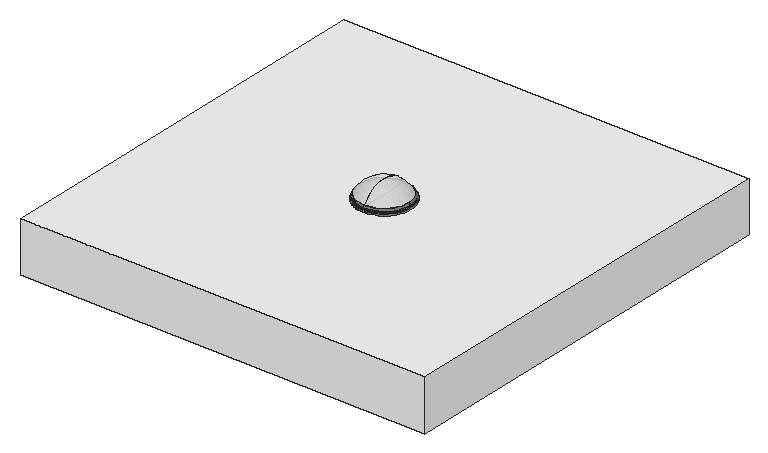
Revit family "Sarlam_Lighting_Bulkhead_Astreo_T1_vandal_resistant_Diam_330mm_800_Lm", category Luminaires, Revit 2020
Family settings
  Hôte = Face
  Cote de connecteur circulaire = Utiliser le diamètre
  Type d'élément = Normal
  Couper avec des vides une fois chargée = Non
  Source d'éclairage = Oui
  Partagée = Non
  Point de calcul de pièce = Non
Parameters (values of type "With microwave sensor ANTHRACITE")
  Zone plafond formes 8à9 [instance] = and(Outer diameter = 328 mm, or(Antivandale Forme 9), not([Detection area - Wall]), [Detection area - Ceiling])  # no
  Zone murale formes 8à9 [instance] = and(Outer diameter = 328 mm, or(Antivandale Forme 9), [Detection area - Wall], not([Detection area - Ceiling]))  # no
  With movement sensor = yes
  With light sensor = no
  Width = 328 mm
  Voltage type = "AC"
  Type of dimming = "Not dimmable"
  Type of control gear = "LED operating device current-controlled"
  System power W = 11
  Suitable for wall mounting = yes
  Suitable for suspended mounting = no
  Suitable for surface mounting = yes
  Suitable for ceiling mounting = yes
  Suitable for built-in mounting = no
  Radiation angle = "Open beam"
  Protection Class = "II"
  Outer diameter = 328 mm
  Nominal voltage (Un) V MIN = 207
  Nominal voltage (Un) V MAX = 253
  Nominal current mA MIN = 61
  Nominal current mA MAX = 84
  Material housing = Plastique
  Light sharing = "Symmetric"
  Length = 328 mm
  Lamp type = "LED not exchangeable"
  Lamp power at multiwatt = "Other"
  Lamp power W = ""
  Lamp holder = "None"
  Impact strength (IK) = "IK09"
  Height/depth = 107 mm
  General Conditions of Use = "https://export.legrand.com/en/terms-of-use-BIM-objects"
  Effective luminous flux lm = 800
  Detection area = "Detection at 2,5m high Ceiling: Ø 12m max Wall: Ellipse 10*8m"
  URL = "http://www.legrandoc.com/SL532196"
  built-in parameter 1150107 = 3200 (stored number, unit not read)
  Wattage = 9.2903 W
  built-in parameter 1150110 = 1 (stored number, unit not read)
  built-in parameter 1150109 = 1 (stored number, unit not read)
  built-in parameter 1114218 = 1 (stored number, unit not read)
  built-in parameter 1150113 = 1 (stored number, unit not read)
  built-in parameter 1150112 = 1 (stored number, unit not read)
  built-in parameter 1150137 = (empty or 0)
  built-in parameter 1150132 = (empty or 0)
  Modèle = "SL-532196"
  built-in parameter 1150105 = 109.82 (stored number, unit not read)
  built-in parameter 1150102 = (empty or 0)
  Dimming Lamp Color Temperature Shift = (empty or 0)
  Lumens = 1380 lm
  Color Filter = 16777215
  Fichier de distribution photométrique = "SL532180.ies"
  built-in parameter 1114217 = 1 (stored number, unit not read)
  built-in parameter 1150139 = (empty or 0)
  Fabricant = "LEGRAND"
  Emettre à partir du diamètre du cercle = 250 mm
  Emit Shape Visible in Rendering = no
  built-in parameter 1150104 = 13.8 (stored number, unit not read)
  built-in parameter 1150106 = 1.0982 (stored number, unit not read)
  built-in parameter 1150115 = 1 (stored number, unit not read)
  built-in parameter 1150114 = 1 (stored number, unit not read)
  Description = "ASTREO 800LM 4000K  AV DETECTION BLACK"
  Degree of protection (IP) = "IP44"
  built-in parameter 1150138 = (empty or 0)
  built-in parameter 1150134 = 3
  Colour temperature K MIN = 4000
  Colour temperature K MAX = 4000
  Colour rendering index CRI = "80-89"
  Colour housing = LEGRAND - Anthracite
  Built-in width = 328 mm
  Built-in length = 0 mm
  Built-in height/depth = 0 mm
  Built-in diameter = 0 mm
  Angle de l'inclinaison = 0.00°
  Detection area - Ceiling [instance] = no
  Detection area - Wall [instance] = no
  Default Elevation = 2500 mm
  Antivandale Forme 9 = yes
  Tag [instance] = no
  built-in parameter 1150133 = 10 (stored number, unit not read)
Types (4, lengths in mm): name | With movement sensor | System power W | Detection area | URL | Modèle | Description | Colour housing
  ON/OFF WHITE | no | 10.5 | "" | "http://www.legrandoc.com/SL532190" | "SL-532190" | "ASTREO 800LM 4000K  AV ON/OFF WHITE" | LEGRAND - White
  ON/OFF ANTHRACITE | no | 10.5 | "" | "http://www.legrandoc.com/SL532191" | "SL-532191" | "ASTREO 800LM 4000K  AV ON/OFF BLACK" | LEGRAND - Anthracite
  With microwave sensor WHITE | yes | 11 | "Detection at 2,5m high Ceiling: Ø 12m max Wall: Ellipse 10*8m" | "http://www.legrandoc.com/SL532195" | "SL-532195" | "ASTREO 800LM 4000K  AV DETECTION WHITE" | LEGRAND - White
  With microwave sensor ANTHRACITE | yes | 11 | "Detection at 2,5m high Ceiling: Ø 12m max Wall: Ellipse 10*8m" | "http://www.legrandoc.com/SL532196" | "SL-532196" | "ASTREO 800LM 4000K  AV DETECTION BLACK" | LEGRAND - Anthracite
Reference planes
  plane 1 "Centre (avant/arrière)": y = 0
  plane 2: z = 0
  plane 3 "Centre (gauche/droite)": x = 0
  plane 4: z = 127
Forms (mm)
  Extrusion 1, solid, material "Blanc"
    sketch origin (0, 0, 0) x (1, 0, 0) y (0, 1, 0)
      loop
        line (-1219.2, 1219.2) -> (-1219.2, -1219.2) -> (1219.2, -1219.2) -> (1219.2, 1219.2) -> (-1219.2, 1219.2)
    from 0 to -304.8
Lines and regions (mm)
  model lines, not visible
    curve 1: line (0, 0, 0) -> (0, 0, 2230)
    curve 2: line (0, 0, 0) -> (0, 3300, 0)
    curve 3: line (0, 0, 0) -> (-2620, 0, 0)
Dimensions and locks
  level to plane 4 = 127 mm
  aligned and locked: plane 2 to Extrusion 1
  aligned and locked: level to Extrusion 1
Nested families
  nested 1: "Zone de détection murale Chartres-Astreo" at (0, 0, 0) x (0, 0, 1) z (0, -1, 0), visible <- "Detection area - Wall", type "Zone de détection murale"
  nested 2: "Formes 1-2-3-4-6-7-8-9" at (0, 0, 0), type "Formes"
    with Antivandale Forme 9 yes
  nested 3: "Zone de détection plafond Chartres-Astreo" at (0, 0, 2500), visible <- "Detection area - Ceiling", type "Zone de détection plafond"
    with Zone plafond Formes 8à9 no
  nested 4: "Zone de détection murale Chartres-Astreo" at (0, 0, 0) x (0, 0, 1) z (1, 0, 0), visible <- "Detection area - Wall", type "Zone de détection murale"
  nested 5: "Etiquette de zone" at (0, 205.247, 0) x (-1, 0, 0) z (0, 0, 1), visible <- "Tag", type "Etiquette de zone"
Connectors
  electrical at (0, 0, 0)
    settings: on nested 2, index 1, voltage 230 V, apparent load 0 VA, apparent load phase1 0 VA, apparent load phase2 0 VA, apparent load phase3 0 VA, power factor 1, load classification "Eclairage", number of poles 1, system type 30, power factor state 1, is connector primary yes, connector utility no, sub classification motor no, connector description ""
Definition of nested family "Formes 1-2-3-4-6-7-8-9"
  Parameters (values of type "Formes")
    Standard Forme 8 = no
    Standard Formes 1-3-6 = no
    Matériau hublot = none
    Matériau corps = none
    Fl = if(Diamètre total < 325 mm, 70 mm, if(Diamètre total = 328 mm, 107 mm, 90 mm))  # 107 mm
    Default Elevation = 0 mm
    Dimension hublot = if(Diamètre total = 300 mm, 121.1 mm, if(Diamètre total = 322 mm, 129.3 mm, if(Diamètre total = 328 mm, 148.6 mm, if(Diamètre total = 420 mm, 179.2 mm, 185.3 mm))))  # 148.6 mm
    Diamètre total = 328 mm
    Courbure = if(Diamètre total = 300 mm, 195.7 mm, if(Diamètre total = 322 mm, 220.2 mm, if(Diamètre total = 328 mm, 179.2 mm, if(Diamètre total = 420 mm, 290 mm, 307.8 mm))))  # 179.2 mm
    Couleur corps = none
    Antivandale Forme 9 = no
    Antivandale Formes 2-4-7 = no
  Reference planes
    plane 1 "Centre (avant/arrière)": y = 0
    plane 2: z = 0
    plane 3 "Centre (gauche/droite)": x = 0
    plane 4: y = 164
    plane 5: y = -164
    plane 6: y = 148.6
  Forms (mm)
    Revolve 1, solid, material <- "Matériau hublot"
      sketch origin (0, 0, 0) x (0, 0, -1) y (0, 1, 0)
        loop
          arc (-28, 148.6) -> (-86.03, 84.151) -> (-107, 0) r 179.2
          line (-107, 0) -> (-28, 0) -> (-28, 148.6)
        axis (-28, 0) -> (-107, 0)
      angle from 0 to 360
  Dimensions and locks
    equal spacing: plane 4, plane 1 "Centre (avant/arrière)", plane 5
    "Diamètre total": plane 4 to plane 5
    equal spacing: plane 5, plane 1 "Centre (avant/arrière)", plane 4
    "Dimension hublot": plane 1 "Centre (avant/arrière)" to plane 6
    "Fl": Revolve 1 sketch curve to plane 2
    "Courbure": radius of Revolve 1 sketch curve
    aligned and locked: level to plane 2
    aligned and locked: plane 6 to Revolve 1 sketch curve
    aligned and locked: plane 2 to nested 2
  Automatic sketch dimensions
    Revolve 1 sketch curve to plane 1 "Centre (avant/arrière)" = 0 mm  (x2)
    level to Revolve 1 sketch curve = 28 mm
    Revolve 1 sketch curve to Revolve 1 sketch curve = 1811.469 mm
    Revolve 1 sketch curve to Revolve 1 sketch curve = 1147.22 mm
  Nested families
    nested 1: "Corps standard Formes 1-3-6" at (0, 0, 0), visible <- "Standard Formes 1-3-6", type "Corps standard Formes 1-3-6"
      with Diamètre 328 mm
    nested 2: "Corps antivandale Formes 2-4-7" at (0, 0, 0), visible <- "Antivandale Formes 2-4-7", type "Corps antivandale Formes 2-4-7"
      with Diamètre 328 mm
    nested 3: "Corps standard Forme 8" at (0, 0, 0), visible <- "Standard Forme 8", type "Corps standard Forme 8"
    nested 4: "Corps antivandale Forme 9" at (0, 0, 0), visible <- "Antivandale Forme 9", type "Corps antivandale Forme 9"
  Definition of nested family "Corps standard Formes 1-3-6"
    Parameters (values of type "Corps standard")
      Matériau corps = none
      Default Elevation = 0 mm
      Couleur corps = none
      Diamètre = 322 mm
      Courbure = if(Diamètre < 400 mm, 195.7 mm, 290 mm)  # 195.7 mm
    Reference planes
      plane 1 "Centre (avant/arrière)": y = 0
      plane 2: z = 0
      plane 3 "Centre (gauche/droite)": x = 0
      plane 4: y = 161
      plane 5: y = -161
      plane 6: z = 28
    Forms (mm)
      Revolve 1, solid, material <- "Couleur corps"
        sketch origin (0, 0, 0) x (0, 0, -1) y (0, 1, 0)
          loop
            line (0, 0) -> (0, 161)
            arc (0, 161) -> (-14.55, 149.906) -> (-28, 137.502) r 195.7
            line (-28, 137.502) -> (-28, 0) -> (0, 0)
          axis (0, 0) -> (-28, 0)
        angle from 0 to 360
    Dimensions and locks
      equal spacing: plane 4, plane 1 "Centre (avant/arrière)", plane 5
      "Diamètre": plane 4 to plane 5
      equal spacing: plane 5, plane 1 "Centre (avant/arrière)", plane 4
      "Courbure": radius of Revolve 1 sketch curve
      aligned and locked: level to plane 2
      aligned and locked: plane 2 to Revolve 1  (x2)
      aligned and locked: Revolve 1 to plane 2
      aligned and locked: plane 6 to Revolve 1
    Automatic sketch dimensions
      Revolve 1 sketch curve to plane 1 "Centre (avant/arrière)" = 0 mm  (x3)
      Revolve 1 sketch curve to plane 6 = 0 mm
      Revolve 1 sketch curve to level = 0 mm
      Revolve 1 sketch curve to plane 4 = 0 mm
      plane 6 to Revolve 1 sketch curve = 1833.51 mm
      Revolve 1 sketch curve to Revolve 1 sketch curve = 1167.217 mm
  Definition of nested family "Corps antivandale Formes 2-4-7"
    Parameters (values of type "Corps antivandale")
      Rayon réseau vis = if(Diamètre < 400 mm, 137.2 mm, 193.2 mm)  # 137.2 mm
      Matériau corps = none
      Default Elevation = 0 mm
      Diamètre = 322 mm
      Courbure = if(Diamètre < 400 mm, 220.2 mm, 307.8 mm)  # 220.2 mm
      Couleur corps = none
    Reference planes
      plane 1 "Centre (avant/arrière)": y = 0
      plane 2: z = 0
      plane 3 "Centre (gauche/droite)": x = 0
      plane 4: y = 161
      plane 5: y = -161
      plane 6: z = 28
      plane 7: through (0, 0, 1200) normal (0.5, 0.866, 0)
      plane 8: through (0, 0, 1200) normal (0.5, -0.866, 0)
    Forms (mm)
      Revolve 1, solid, material <- "Couleur corps"
        sketch origin (0, 0, 0) x (0, 0, -1) y (0, 1, 0)
          loop
            line (0, 0) -> (0, 161)
            arc (0, 161) -> (-14.762, 145.835) -> (-28, 129.323) r 220.2
            line (-28, 129.323) -> (-28, 0) -> (0, 0)
          axis (0, 0) -> (-28, 0)
        angle from 0 to 360
      Extrusion 2, solid, material <- "Couleur corps"
        sketch origin (0, -0.04, 0) x (1, 0, 0) y (0, 1, 0)
          loop
            line (-4, 129.32) -> (-4, 137.3)
            arc (-4, 137.3) -> (0, 141.3) -> (4, 137.3) r 4
            line (4, 137.3) -> (4, 129.32)
            arc (4, 129.32) -> (5, 129.285) -> (6, 129.243) r 129.323
            line (6, 129.243) -> (6, 137.3)
            arc (6, 137.3) -> (0, 143.3) -> (-6, 137.3) r 6
            line (-6, 137.3) -> (-6, 129.243)
            arc (-6, 129.243) -> (-5, 129.285) -> (-4, 129.32) r 129.323
        from 15.189 to 28
      Extrusion 3, solid, material <- "Couleur corps"
        sketch origin (-0.035, 0.02, 0) x (-0.5, -0.866025, 0) y (0.866025, -0.5, 0)
          loop
            line (-4, 129.32) -> (-4, 137.3)
            arc (-4, 137.3) -> (0, 141.3) -> (4, 137.3) r 4
            line (4, 137.3) -> (4, 129.32)
            arc (4, 129.32) -> (5, 129.285) -> (6, 129.243) r 129.323
            line (6, 129.243) -> (6, 137.3)
            arc (6, 137.3) -> (0, 143.3) -> (-6, 137.3) r 6
            line (-6, 137.3) -> (-6, 129.243)
            arc (-6, 129.243) -> (-5, 129.285) -> (-4, 129.32) r 129.323
        from 15.189 to 28
      Extrusion 4, solid, material <- "Couleur corps"
        sketch origin (0.035, 0.02, 0) x (-0.5, 0.866025, 0) y (-0.866025, -0.5, 0)
          loop
            line (-4, 129.32) -> (-4, 137.3)
            arc (-4, 137.3) -> (0, 141.3) -> (4, 137.3) r 4
            line (4, 137.3) -> (4, 129.32)
            arc (4, 129.32) -> (5, 129.285) -> (6, 129.243) r 129.323
            line (6, 129.243) -> (6, 137.3)
            arc (6, 137.3) -> (0, 143.3) -> (-6, 137.3) r 6
            line (-6, 137.3) -> (-6, 129.243)
            arc (-6, 129.243) -> (-5, 129.285) -> (-4, 129.32) r 129.323
        from 15.189 to 28
      Revolve 5, solid
        sketch origin (0, 0.018, -12.656) x (0, 1, 0) y (0, 0, 1)
          loop
            line (136.525, 38.942) -> (136.525, 29.094) -> (136.962, 29.907) -> (137.751, 35.518) -> (140.148, 38.942) -> (136.525, 38.942)
          axis (136.525, 29.094) -> (136.525, 38.942)
        angle from 0 to 360
      Revolve 6, solid
        sketch origin (0.016, -0.009, -12.656) x (0.866025, -0.5, 0) y (0, 0, 1)
          loop
            line (136.525, 38.942) -> (136.525, 29.094) -> (136.962, 29.907) -> (137.751, 35.518) -> (140.148, 38.942) -> (136.525, 38.942)
          axis (136.525, 29.094) -> (136.525, 38.942)
        angle from 0 to 360
      Revolve 7, solid
        sketch origin (-0.016, -0.009, -12.656) x (-0.866025, -0.5, 0) y (0, 0, 1)
          loop
            line (136.525, 38.942) -> (136.525, 29.094) -> (136.962, 29.907) -> (137.751, 35.518) -> (140.148, 38.942) -> (136.525, 38.942)
          axis (136.525, 29.094) -> (136.525, 38.942)
        angle from 0 to 360
    Cuts and joins
      joined: Revolve 1, Extrusion 2
    Lines and regions (mm)
      model lines
        curve 1: line (-2.5, 136.543, 26.285) -> (2.5, 136.543, 26.285)
        curve 2: line (0, 138.995, 26.285) -> (0, 133.995, 26.285)
        curve 3: line (119.5, -66.107, 26.285) -> (117, -70.437, 26.285)
        curve 4: line (120.373, -69.497, 26.285) -> (116.043, -66.997, 26.285)
        curve 5: line (-117, -70.437, 26.285) -> (-119.5, -66.107, 26.285)
        curve 6: line (-120.373, -69.497, 26.285) -> (-116.043, -66.997, 26.285)
    Dimensions and locks
      equal spacing: plane 4, plane 1 "Centre (avant/arrière)", plane 5
      "Diamètre": plane 4 to plane 5
      equal spacing: plane 5, plane 1 "Centre (avant/arrière)", plane 4
      "Courbure": radius of Revolve 1 sketch curve
      "Rayon réseau vis": radius of radial array
      aligned and locked: level to plane 2
      aligned and locked: plane 2 to Revolve 1  (x2)
      aligned and locked: Revolve 1 to plane 2
      aligned and locked: plane 6 to Revolve 1
    Automatic sketch dimensions
      Extrusion 2 sketch curve to Extrusion 2 sketch curve = 0 mm  (x9)
      Extrusion 2 sketch curve to Extrusion 2 sketch curve = 7.98 mm
      Extrusion 2 sketch curve to Extrusion 2 sketch curve = 0.077 mm
      Extrusion 2 sketch curve to Extrusion 2 sketch curve = 2 mm
      Extrusion 2 sketch curve to Extrusion 2 sketch curve = 4 mm
      Extrusion 2 sketch curve to Extrusion 2 sketch curve = 6 mm
      Extrusion 3 sketch curve to Extrusion 3 sketch curve = 0 mm  (x9)
      Extrusion 3 sketch curve to Extrusion 3 sketch curve = 7.98 mm
      Extrusion 3 sketch curve to Extrusion 3 sketch curve = 0.077 mm
      Extrusion 3 sketch curve to Extrusion 3 sketch curve = 2 mm
      Extrusion 3 sketch curve to Extrusion 3 sketch curve = 4 mm
      Extrusion 3 sketch curve to Extrusion 3 sketch curve = 6 mm
      Extrusion 4 sketch curve to Extrusion 4 sketch curve = 0 mm  (x9)
      Extrusion 4 sketch curve to Extrusion 4 sketch curve = 7.98 mm
      Extrusion 4 sketch curve to Extrusion 4 sketch curve = 0.077 mm
      Extrusion 4 sketch curve to Extrusion 4 sketch curve = 2 mm
      Extrusion 4 sketch curve to Extrusion 4 sketch curve = 4 mm
      Extrusion 4 sketch curve to Extrusion 4 sketch curve = 6 mm
      Revolve 7 sketch curve to Revolve 7 sketch curve = 0.437 mm  (x2)
      Revolve 7 sketch curve to Revolve 7 sketch curve = 1.226 mm  (x2)
      Revolve 7 sketch curve to Revolve 7 sketch curve = 2.397 mm
      Revolve 7 sketch curve to Revolve 7 sketch curve = 0.813 mm  (x2)
      Revolve 7 sketch curve to Revolve 7 sketch curve = 5.611 mm  (x2)
      Revolve 7 sketch curve to Revolve 7 sketch curve = 3.424 mm  (x2)
      Revolve 7 sketch curve to Revolve 7 sketch curve = 0 mm  (x2)
      Revolve 7 sketch curve to Revolve 7 sketch curve = 0.975 mm
      Revolve 7 sketch curve to Revolve 7 sketch curve = 3.281 mm  (x2)
      Revolve 5 sketch curve to Revolve 5 sketch curve = 0.437 mm  (x2)
      Revolve 5 sketch curve to Revolve 5 sketch curve = 1.226 mm  (x2)
      Revolve 5 sketch curve to Revolve 5 sketch curve = 3.623 mm
      Revolve 5 sketch curve to Revolve 5 sketch curve = 5.611 mm  (x2)
      Revolve 5 sketch curve to Revolve 5 sketch curve = 3.424 mm  (x2)
      Revolve 5 sketch curve to Revolve 5 sketch curve = 0 mm  (x2)
      Revolve 5 sketch curve to Revolve 5 sketch curve = 0.813 mm  (x2)
      Revolve 5 sketch curve to Revolve 5 sketch curve = 0.162 mm
      Revolve 5 sketch curve to Revolve 5 sketch curve = 3.281 mm  (x2)
      Revolve 6 sketch curve to Revolve 6 sketch curve = 0.437 mm  (x2)
      Revolve 6 sketch curve to Revolve 6 sketch curve = 1.226 mm  (x2)
      Revolve 6 sketch curve to Revolve 6 sketch curve = 3.623 mm
      Revolve 6 sketch curve to Revolve 6 sketch curve = 5.611 mm  (x2)
      Revolve 6 sketch curve to Revolve 6 sketch curve = 3.424 mm  (x2)
      Revolve 6 sketch curve to Revolve 6 sketch curve = 0 mm  (x2)
      Revolve 6 sketch curve to Revolve 6 sketch curve = 0.813 mm  (x2)
      Revolve 6 sketch curve to Revolve 6 sketch curve = 0.162 mm
      Revolve 6 sketch curve to Revolve 6 sketch curve = 3.281 mm  (x2)
      Revolve 7 sketch curve to Revolve 7 sketch curve = 3.623 mm
      Revolve 7 sketch curve to Revolve 7 sketch curve = 0.162 mm
      curve 2 to Revolve 5 = 0 mm
      curve 2 to curve 1 = 2.548 mm
      curve 1 to curve 2 = 2.452 mm
      Revolve 5 to curve 1 = 2.5 mm
      curve 1 to Revolve 5 = 2.5 mm
      curve 4 to Revolve 6 = 0 mm
      curve 4 to curve 3 = 2.548 mm
      curve 3 to curve 4 = 2.452 mm
      Revolve 6 to curve 3 = 2.5 mm
      curve 3 to Revolve 6 = 2.5 mm
      curve 6 to Revolve 7 = 0 mm
      curve 6 to curve 5 = 2.548 mm
      curve 5 to curve 6 = 2.452 mm
      Revolve 7 to curve 5 = 2.5 mm
      curve 5 to Revolve 7 = 2.5 mm
      Revolve 5 sketch curve to Revolve 5 sketch curve = 2.397 mm
      Revolve 5 sketch curve to Revolve 5 sketch curve = 0.975 mm
      Revolve 6 sketch curve to Revolve 6 sketch curve = 2.397 mm
      Revolve 6 sketch curve to Revolve 6 sketch curve = 0.975 mm
      Revolve 1 sketch curve to plane 1 "Centre (avant/arrière)" = 0 mm  (x3)
      Revolve 1 sketch curve to plane 6 = 0 mm
      Revolve 1 sketch curve to level = 0 mm
      Revolve 1 sketch curve to plane 4 = 0 mm
      plane 6 to Revolve 1 sketch curve = 1833.51 mm
      Revolve 1 sketch curve to Revolve 1 sketch curve = 1128.321 mm
  Definition of nested family "Corps standard Forme 8"
    Parameters (values of type "Corps standard Forme 8")
      Matériau corps = none
      Default Elevation = 0 mm
      Couleur corps = none
      Diamètre = 328 mm
    Reference planes
      plane 1 "Centre (avant/arrière)": y = 0
      plane 2: z = 0
      plane 3 "Centre (gauche/droite)": x = 0
      plane 4: y = 164
      plane 5: y = -164
      plane 6: z = 28
      plane 7: y = 7.5
      plane 8: y = -7.5
    Forms (mm)
      Revolve 1, solid, material <- "Couleur corps"
        sketch origin (0, 0, 0) x (0, 0, -1) y (0, 1, 0)
          loop
            line (0, 0) -> (0, 164)
            arc (0, 164) -> (-14.345, 156.905) -> (-28, 148.559) r 179.182
            line (-28, 148.559) -> (-28, 0) -> (0, 0)
          axis (0, 0) -> (-28, 0)
        angle from 0 to 360
      Sweep 2, void
        path origin (0, 0, 0) x (1, 0, 0) y (0, 1, 0)
          loop
            arc (153.049, 7.5) -> (0, 153.232) -> (-153.049, 7.5) r 153.232
        profile origin (0, 153.232, 0) x (0, -1, 0) y (0, 0, 1)
          loop
            line (-5.469, 6.213) -> (-10.469, 16.465) -> (-10.469, 6.213) -> (-5.469, 6.213)
      Sweep 3, void
        path origin (0, 0, 0) x (1, 0, 0) y (0, 1, 0)
          loop
            arc (153.049, 7.5) -> (0, 153.232) -> (-153.049, 7.5) r 153.232
        profile origin (0, 153.232, 0) x (0, -1, 0) y (0, 0, 1)
          loop
            line (-1.643, 13.471) -> (-6.643, 23.723) -> (-6.643, 13.471) -> (-1.643, 13.471)
      Sweep 4, void
        path origin (0, 0, 0) x (1, 0, 0) y (0, -1, 0)
          loop
            arc (153.049, 7.5) -> (0, 153.232) -> (-153.049, 7.5) r 153.232
        profile origin (0, -153.232, 0) x (0, -1, 0) y (0, 0, 1)
          loop
            line (1.643, 13.471) -> (6.643, 13.471) -> (6.643, 23.723) -> (1.643, 13.471)
      Sweep 5, void
        path origin (0, 0, 0) x (1, 0, 0) y (0, -1, 0)
          loop
            arc (153.049, 7.5) -> (0, 153.232) -> (-153.049, 7.5) r 153.232
        profile origin (0, -153.232, 0) x (0, -1, 0) y (0, 0, 1)
          loop
            line (5.469, 6.213) -> (10.469, 6.213) -> (10.469, 16.465) -> (5.469, 6.213)
    Cuts and joins
      Sweep 2, Sweep 3, Sweep 4, Sweep 5 cuts Revolve 1
    Dimensions and locks
      equal spacing: plane 4, plane 1 "Centre (avant/arrière)", plane 5
      "Diamètre": plane 4 to plane 5
      equal spacing: plane 5, plane 1 "Centre (avant/arrière)", plane 4
      aligned and locked: level to plane 2
      aligned and locked: plane 2 to Revolve 1  (x2)
      aligned and locked: Revolve 1 to plane 2
      aligned and locked: plane 6 to Revolve 1
    Automatic sketch dimensions
      Sweep 2 sketch curve to plane 7 = 0 mm  (x2)
      plane 1 "Centre (avant/arrière)" to Sweep 2 sketch curve = 0 mm
      Sweep 2 sketch curve to plane 3 "Centre (gauche/droite)" = 0 mm
      Sweep 2 sketch curve to plane 3 "Centre (gauche/droite)" = 153.049 mm
      Sweep 3 sketch curve to plane 7 = 0 mm  (x2)
      plane 1 "Centre (avant/arrière)" to Sweep 3 sketch curve = 0 mm
      Sweep 3 sketch curve to plane 3 "Centre (gauche/droite)" = 0 mm
      Sweep 3 sketch curve to plane 3 "Centre (gauche/droite)" = 153.049 mm
      Sweep 4 sketch curve to plane 8 = 0 mm  (x2)
      plane 1 "Centre (avant/arrière)" to Sweep 4 sketch curve = 0 mm
      Sweep 4 sketch curve to plane 3 "Centre (gauche/droite)" = 0 mm
      plane 3 "Centre (gauche/droite)" to Sweep 4 sketch curve = 153.049 mm
      Sweep 5 sketch curve to plane 8 = 0 mm  (x2)
      plane 1 "Centre (avant/arrière)" to Sweep 5 sketch curve = 0 mm
      Sweep 5 sketch curve to plane 3 "Centre (gauche/droite)" = 0 mm
      plane 3 "Centre (gauche/droite)" to Sweep 5 sketch curve = 153.049 mm
      Revolve 1 sketch curve to plane 1 "Centre (avant/arrière)" = 0 mm  (x3)
      Revolve 1 sketch curve to plane 6 = 0 mm
      Revolve 1 sketch curve to level = 0 mm
      Revolve 1 sketch curve to plane 4 = 0 mm
      Revolve 1 sketch curve to Revolve 1 sketch curve = 72.182 mm
      plane 6 to Revolve 1 sketch curve = 1833.51 mm
      Revolve 1 sketch curve to Revolve 1 sketch curve = 1201.817 mm
      profile plane to Sweep 2 sketch curve = 10.469 mm
      Sweep 2 sketch curve to Sweep 2 sketch curve = 5 mm
      level to Sweep 2 sketch curve = 6.213 mm
      Sweep 2 sketch curve to Sweep 2 sketch curve = 10.252 mm
      profile plane to Sweep 3 sketch curve = 6.643 mm
      profile plane to Sweep 3 sketch curve = 1.643 mm
      level to Sweep 3 sketch curve = 13.471 mm
      Sweep 3 sketch curve to Sweep 3 sketch curve = 10.252 mm
      Sweep 4 sketch curve to profile plane = 1.643 mm
      Sweep 4 sketch curve to profile plane = 6.643 mm
      level to Sweep 4 sketch curve = 13.471 mm
      Sweep 4 sketch curve to Sweep 4 sketch curve = 10.252 mm
      Sweep 5 sketch curve to profile plane = 5.469 mm
      Sweep 5 sketch curve to profile plane = 10.469 mm
      level to Sweep 5 sketch curve = 6.213 mm
      Sweep 5 sketch curve to Sweep 5 sketch curve = 10.252 mm
  Definition of nested family "Corps antivandale Forme 9"
    Parameters (values of type "Corps antivandale Forme 9")
      Matériau corps = none
      Default Elevation = 0 mm
      Couleur corps = none
      Diamètre = 328 mm
    Reference planes
      plane 1 "Centre (avant/arrière)": y = 0
      plane 2: z = 0
      plane 3 "Centre (gauche/droite)": x = 0
      plane 4: y = 164
      plane 5: y = -164
      plane 6: z = 28
      plane 7: y = 7.5
      plane 8: y = -7.5
    Forms (mm)
      Revolve 1, solid, material <- "Couleur corps"
        sketch origin (0, 0, 0) x (0, 0, -1) y (0, 1, 0)
          loop
            line (0, 0) -> (0, 164)
            arc (0, 164) -> (-14.345, 156.905) -> (-28, 148.559) r 179.182
            line (-28, 148.559) -> (-28, 0) -> (0, 0)
          axis (0, 0) -> (-28, 0)
        angle from 0 to 360
      Extrusion 2, void
        sketch origin (-1.406, 0, 0) x (1, 0, 0) y (0, 1, 0)
          loop
            circle (157.486, 0) r 5
        from 5.665 to 28
      Sweep 3, void
        path origin (0, 0, 0) x (1, 0, 0) y (0, 1, 0)
          loop
            arc (153.049, 7.5) -> (0, 153.232) -> (-153.049, 7.5) r 153.232
        profile origin (0, 153.232, 0) x (0, -1, 0) y (0, 0, 1)
          loop
            line (-5.469, 6.213) -> (-10.469, 16.465) -> (-10.469, 6.213) -> (-5.469, 6.213)
      Extrusion 4, void
        sketch origin (1.406, 0, 0) x (-1, 0, 0) y (0, -1, 0)
          loop
            circle (157.486, 0) r 5
        from 5.665 to 28
      Sweep 5, void
        path origin (0, 0, 0) x (1, 0, 0) y (0, 1, 0)
          loop
            arc (153.049, 7.5) -> (0, 153.232) -> (-153.049, 7.5) r 153.232
        profile origin (0, 153.232, 0) x (0, -1, 0) y (0, 0, 1)
          loop
            line (-1.643, 13.471) -> (-6.643, 23.723) -> (-6.643, 13.471) -> (-1.643, 13.471)
      Sweep 6, void
        path origin (0, 0, 0) x (1, 0, 0) y (0, -1, 0)
          loop
            arc (153.049, 7.5) -> (0, 153.232) -> (-153.049, 7.5) r 153.232
        profile origin (0, -153.232, 0) x (0, -1, 0) y (0, 0, 1)
          loop
            line (1.643, 13.471) -> (6.643, 13.471) -> (6.643, 23.723) -> (1.643, 13.471)
      Sweep 7, void
        path origin (0, 0, 0) x (1, 0, 0) y (0, -1, 0)
          loop
            arc (153.049, 7.5) -> (0, 153.232) -> (-153.049, 7.5) r 153.232
        profile origin (0, -153.232, 0) x (0, -1, 0) y (0, 0, 1)
          loop
            line (5.469, 6.213) -> (10.469, 6.213) -> (10.469, 16.465) -> (5.469, 6.213)
      Revolve 8, solid
        sketch origin (-156.149, -136.533, -30.469) x (0, 1, 0) y (0, 0, 1)
          loop
            line (136.525, 38.942) -> (136.525, 31.651) -> (137.319, 32.445) -> (137.923, 36.741) -> (139.106, 38.942) -> (136.525, 38.942)
          axis (136.525, 31.651) -> (136.525, 38.942)
        angle from 0 to 360
      Revolve 9, solid
        sketch origin (156.149, -136.533, -30.469) x (0, 1, 0) y (0, 0, -1)
          loop
            line (136.525, -38.942) -> (139.106, -38.942) -> (137.923, -36.741) -> (137.319, -32.445) -> (136.525, -31.651) -> (136.525, -38.942)
          axis (136.525, -31.651) -> (136.525, -38.942)
        angle from 0 to 360
    Cuts and joins
      Extrusion 2, Sweep 3, Extrusion 4, Sweep 5, Sweep 6, Sweep 7 cuts Revolve 1
    Lines and regions (mm)
      model lines
        curve 1: line (-156.149, 1.39, 8.473) -> (-156.149, -1.406, 8.473)
        curve 2: line (-157.503, 0, 8.473) -> (-154.615, 0, 8.473)
        curve 3: line (156.149, 1.39, 8.473) -> (156.149, -1.406, 8.473)
        curve 4: line (157.503, 0, 8.473) -> (154.615, 0, 8.473)
    Dimensions and locks
      equal spacing: plane 4, plane 1 "Centre (avant/arrière)", plane 5
      "Diamètre": plane 4 to plane 5
      equal spacing: plane 5, plane 1 "Centre (avant/arrière)", plane 4
      aligned and locked: level to plane 2
      aligned and locked: plane 2 to Revolve 1  (x2)
      aligned and locked: Revolve 1 to plane 2
      aligned and locked: plane 6 to Revolve 1
    Automatic sketch dimensions
      plane 1 "Centre (avant/arrière)" to Extrusion 2 sketch curve = 0 mm
      plane 3 "Centre (gauche/droite)" to Extrusion 2 sketch curve = 156.08 mm
      Sweep 3 sketch curve to plane 7 = 0 mm  (x2)
      plane 1 "Centre (avant/arrière)" to Sweep 3 sketch curve = 0 mm
      Sweep 3 sketch curve to plane 3 "Centre (gauche/droite)" = 0 mm
      Sweep 3 sketch curve to plane 3 "Centre (gauche/droite)" = 153.049 mm
      plane 1 "Centre (avant/arrière)" to Extrusion 4 sketch curve = 0 mm
      plane 3 "Centre (gauche/droite)" to Extrusion 4 sketch curve = 156.08 mm
      Sweep 5 sketch curve to plane 7 = 0 mm  (x2)
      plane 1 "Centre (avant/arrière)" to Sweep 5 sketch curve = 0 mm
      Sweep 5 sketch curve to plane 3 "Centre (gauche/droite)" = 0 mm
      Sweep 5 sketch curve to plane 3 "Centre (gauche/droite)" = 153.049 mm
      Sweep 6 sketch curve to plane 8 = 0 mm  (x2)
      plane 1 "Centre (avant/arrière)" to Sweep 6 sketch curve = 0 mm
      Sweep 6 sketch curve to plane 3 "Centre (gauche/droite)" = 0 mm
      plane 3 "Centre (gauche/droite)" to Sweep 6 sketch curve = 153.049 mm
      Sweep 7 sketch curve to plane 8 = 0 mm  (x2)
      plane 1 "Centre (avant/arrière)" to Sweep 7 sketch curve = 0 mm
      Sweep 7 sketch curve to plane 3 "Centre (gauche/droite)" = 0 mm
      plane 3 "Centre (gauche/droite)" to Sweep 7 sketch curve = 153.049 mm
      Revolve 1 sketch curve to plane 1 "Centre (avant/arrière)" = 0 mm  (x3)
      Revolve 1 sketch curve to plane 6 = 0 mm
      Revolve 1 sketch curve to level = 0 mm
      Revolve 1 sketch curve to plane 4 = 0 mm
      Revolve 1 sketch curve to Revolve 1 sketch curve = 72.182 mm
      plane 6 to Revolve 1 sketch curve = 1833.51 mm
      Revolve 1 sketch curve to Revolve 1 sketch curve = 1201.817 mm
      profile plane to Sweep 3 sketch curve = 10.469 mm
      Sweep 3 sketch curve to Sweep 3 sketch curve = 5 mm
      level to Sweep 3 sketch curve = 6.213 mm
      Sweep 3 sketch curve to Sweep 3 sketch curve = 10.252 mm
      profile plane to Sweep 5 sketch curve = 6.643 mm
      profile plane to Sweep 5 sketch curve = 1.643 mm
      level to Sweep 5 sketch curve = 13.471 mm
      Sweep 5 sketch curve to Sweep 5 sketch curve = 10.252 mm
      Sweep 6 sketch curve to profile plane = 1.643 mm
      Sweep 6 sketch curve to profile plane = 6.643 mm
      level to Sweep 6 sketch curve = 13.471 mm
      Sweep 6 sketch curve to Sweep 6 sketch curve = 10.252 mm
      Sweep 7 sketch curve to profile plane = 5.469 mm
      Sweep 7 sketch curve to profile plane = 10.469 mm
      level to Sweep 7 sketch curve = 6.213 mm
      Sweep 7 sketch curve to Sweep 7 sketch curve = 10.252 mm
      plane 1 "Centre (avant/arrière)" to Revolve 8 sketch curve = 0.008 mm  (x2)
      Revolve 8 sketch curve to plane 1 "Centre (avant/arrière)" = 0.786 mm
      Revolve 8 sketch curve to plane 1 "Centre (avant/arrière)" = 1.39 mm
      Revolve 8 sketch curve to Revolve 8 sketch curve = 1.183 mm
      level to Revolve 8 sketch curve = 1.183 mm
      Revolve 8 sketch curve to Revolve 8 sketch curve = 0.794 mm
      Revolve 8 sketch curve to Revolve 8 sketch curve = 4.296 mm
      Revolve 8 sketch curve to Revolve 8 sketch curve = 2.201 mm
      Revolve 8 sketch curve to level = 0.4 mm
      Revolve 8 sketch curve to Revolve 8 sketch curve = 3.281 mm
      plane 1 "Centre (avant/arrière)" to Revolve 9 sketch curve = 0.008 mm  (x2)
      Revolve 9 sketch curve to plane 1 "Centre (avant/arrière)" = 0.786 mm
      Revolve 9 sketch curve to plane 1 "Centre (avant/arrière)" = 1.39 mm
      Revolve 9 sketch curve to Revolve 9 sketch curve = 1.183 mm
      level to Revolve 9 sketch curve = 8.473 mm
      Revolve 9 sketch curve to Revolve 9 sketch curve = 2.201 mm
      level to Revolve 9 sketch curve = 1.977 mm
      Revolve 9 sketch curve to Revolve 9 sketch curve = 0.794 mm
      Revolve 9 sketch curve to Revolve 9 sketch curve = 3.281 mm
      Revolve 9 sketch curve to level = 0.4 mm
      curve 1 to Revolve 8 = 0 mm
      curve 1 to curve 3 = 0 mm
      curve 1 to curve 2 = 1.406 mm
      curve 3 to curve 4 = 1.406 mm
      curve 4 to curve 3 = 1.39 mm
      curve 2 to curve 1 = 1.39 mm
      Revolve 8 to curve 2 = 1.534 mm
      curve 4 to curve 2 = 309.23 mm
      curve 3 to curve 4 = 1.534 mm
      curve 4 to curve 3 = 1.354 mm
      curve 2 to Revolve 8 = 1.354 mm
      radius of Extrusion 2 sketch curve = 5 mm
      radius of Extrusion 4 sketch curve = 5 mm
Definition of nested family "Zone de détection murale Chartres-Astreo"
  Parameters (values of type "Zone de détection murale")
    Zone murale Formes 8à9 = no
    Zone murale Formes 1à7 = no
  Reference planes
    plane 1 "Centre (avant/arrière)": y = 0
    plane 2: z = 0
    plane 3 "Centre (gauche/droite)": x = 0
    plane 4: x = 3500
    plane 5: y = 1000
    plane 6: x = 10000
    plane 7: y = 3500
    plane 8: x = 13000
    plane 9: y = 4000
    plane 10: x = 17000
    plane 11: y = 8000
    plane 12: x = 6000
    plane 13: x = 8000
  Lines and regions (mm)
    detail lines, in view "Niveau de réf.", visible <- "Zone murale Formes 1à7"
      curve 1: spline (0, 0, 0) -> (59.63, 258.819, 0) -> (234.456, 500, 0) -> (512.563, 707.107, 0) -> (875, 866.025, 0) -> (1297.067, 965.926, 0) -> (1750, 1000, 0) -> (2202.933, 965.926, 0) -> (2625, 866.025, 0) -> (2987.437, 707.107, 0) -> (3265.544, 500, 0) -> (3440.37, 258.819, 0) -> (3500, 0, 0) -> (3440.37, -258.819, 0) -> (3265.544, -500, 0) -> (2987.437, -707.107, 0) -> (2625, -866.025, 0) -> (2202.933, -965.926, 0) -> (1750, -1000, 0) -> (1297.067, -965.926, 0) -> (875, -866.025, 0) -> (512.563, -707.107, 0) -> (234.456, -500, 0) -> (59.63, -258.819, 0) -> (0, 0, 0)
      curve 2: spline (0, 0, 0) -> (170.371, 905.867, 0) -> (669.873, 1750, 0) -> (1464.466, 2474.874, 0) -> (2500, 3031.089, 0) -> (3705.905, 3380.74, 0) -> (5000, 3500, 0) -> (6294.095, 3380.74, 0) -> (7500, 3031.089, 0) -> (8535.534, 2474.874, 0) -> (9330.127, 1750, 0) -> (9829.629, 905.867, 0) -> (10000, 0, 0) -> (9829.629, -905.867, 0) -> (9330.127, -1750, 0) -> (8535.534, -2474.874, 0) -> (7500, -3031.089, 0) -> (6294.095, -3380.74, 0) -> (5000, -3500, 0) -> (3705.905, -3380.74, 0) -> (2500, -3031.089, 0) -> (1464.466, -2474.874, 0) -> (669.873, -1750, 0) -> (170.371, -905.867, 0) -> (0, 0, 0)
      curve 3: spline (0, 0, 0) -> (221.482, 1035.276, 0) -> (870.835, 2000, 0) -> (1903.806, 2828.427, 0) -> (3250, 3464.102, 0) -> (4817.676, 3863.703, 0) -> (6500, 4000, 0) -> (8182.324, 3863.703, 0) -> (9750, 3464.102, 0) -> (11096.194, 2828.427, 0) -> (12129.165, 2000, 0) -> (12778.518, 1035.276, 0) -> (13000, 0, 0) -> (12778.518, -1035.276, 0) -> (12129.165, -2000, 0) -> (11096.194, -2828.427, 0) -> (9750, -3464.102, 0) -> (8182.324, -3863.703, 0) -> (6500, -4000, 0) -> (4817.676, -3863.703, 0) -> (3250, -3464.102, 0) -> (1903.806, -2828.427, 0) -> (870.835, -2000, 0) -> (221.482, -1035.276, 0) -> (0, 0, 0)
      curve 4: spline (0, 0, 0) -> (289.63, 2070.552, 0) -> (1138.784, 4000, 0) -> (2489.592, 5656.854, 0) -> (4250, 6928.203, 0) -> (6300.038, 7727.407, 0) -> (8500, 8000, 0) -> (10699.962, 7727.407, 0) -> (12750, 6928.203, 0) -> (14510.408, 5656.854, 0) -> (15861.216, 4000, 0) -> (16710.37, 2070.552, 0) -> (17000, 0, 0) -> (16710.37, -2070.552, 0) -> (15861.216, -4000, 0) -> (14510.408, -5656.854, 0) -> (12750, -6928.203, 0) -> (10699.962, -7727.407, 0) -> (8500, -8000, 0) -> (6300.038, -7727.407, 0) -> (4250, -6928.203, 0) -> (2489.592, -5656.854, 0) -> (1138.784, -4000, 0) -> (289.63, -2070.552, 0) -> (0, 0, 0)
    detail lines, in view "Niveau de réf.", visible <- "Zone murale Formes 8à9"
      curve 5: spline (0, 0, 0) -> (102.223, 258.819, 0) -> (401.924, 500, 0) -> (878.68, 707.107, 0) -> (1500, 866.025, 0) -> (2223.543, 965.926, 0) -> (3000, 1000, 0) -> (3776.457, 965.926, 0) -> (4500, 866.025, 0) -> (5121.32, 707.107, 0) -> (5598.076, 500, 0) -> (5897.777, 258.819, 0) -> (6000, 0, 0) -> (5897.777, -258.819, 0) -> (5598.076, -500, 0) -> (5121.32, -707.107, 0) -> (4500, -866.025, 0) -> (3776.457, -965.926, 0) -> (3000, -1000, 0) -> (2223.543, -965.926, 0) -> (1500, -866.025, 0) -> (878.68, -707.107, 0) -> (401.924, -500, 0) -> (102.223, -258.819, 0) -> (0, 0, 0)
      curve 6: spline (0, 0, 0) -> (136.297, 647.048, 0) -> (535.898, 1250, 0) -> (1171.573, 1767.767, 0) -> (2000, 2165.064, 0) -> (2964.724, 2414.815, 0) -> (4000, 2500, 0) -> (5035.276, 2414.815, 0) -> (6000, 2165.064, 0) -> (6828.427, 1767.767, 0) -> (7464.102, 1250, 0) -> (7863.703, 647.048, 0) -> (8000, 0, 0) -> (7863.703, -647.048, 0) -> (7464.102, -1250, 0) -> (6828.427, -1767.767, 0) -> (6000, -2165.064, 0) -> (5035.276, -2414.815, 0) -> (4000, -2500, 0) -> (2964.724, -2414.815, 0) -> (2000, -2165.064, 0) -> (1171.573, -1767.767, 0) -> (535.898, -1250, 0) -> (136.297, -647.048, 0) -> (0, 0, 0)
      curve 7: spline (0, 0, 0) -> (170.371, 1035.276, 0) -> (669.873, 2000, 0) -> (1464.466, 2828.427, 0) -> (2500, 3464.102, 0) -> (3705.905, 3863.703, 0) -> (5000, 4000, 0) -> (6294.095, 3863.703, 0) -> (7500, 3464.102, 0) -> (8535.534, 2828.427, 0) -> (9330.127, 2000, 0) -> (9829.629, 1035.276, 0) -> (10000, 0, 0) -> (9829.629, -1035.276, 0) -> (9330.127, -2000, 0) -> (8535.534, -2828.427, 0) -> (7500, -3464.102, 0) -> (6294.095, -3863.703, 0) -> (5000, -4000, 0) -> (3705.905, -3863.703, 0) -> (2500, -3464.102, 0) -> (1464.466, -2828.427, 0) -> (669.873, -2000, 0) -> (170.371, -1035.276, 0) -> (0, 0, 0)
  Dimensions and locks
    plane 3 "Centre (gauche/droite)" to plane 4 = 3500 mm
    plane 1 "Centre (avant/arrière)" to plane 5 = 1000 mm
    plane 3 "Centre (gauche/droite)" to plane 6 = 10000 mm
    plane 7 to plane 1 "Centre (avant/arrière)" = 3500 mm
    plane 3 "Centre (gauche/droite)" to plane 8 = 13000 mm
    plane 1 "Centre (avant/arrière)" to plane 9 = 4000 mm
    plane 3 "Centre (gauche/droite)" to plane 10 = 17000 mm
    plane 1 "Centre (avant/arrière)" to plane 11 = 8000 mm
    plane 3 "Centre (gauche/droite)" to plane 12 = 6000 mm
    plane 3 "Centre (gauche/droite)" to plane 13 = 8000 mm
Definition of nested family "Zone de détection plafond Chartres-Astreo"
  Parameters (values of type "Zone de détection plafond")
    Zone plafond Formes 8à9 = yes
    Zone plafond Formes 1à7 = no
  Reference planes
    plane 1 "Centre (avant/arrière)": y = 0
    plane 2: z = 0
    plane 3 "Centre (gauche/droite)": x = 0
  Lines and regions (mm)
    detail lines, in view "Niveau de réf.", visible <- "Zone plafond Formes 1à7"
      curve 1: circle (0, 0, 0) r 500 normal (0, 0, 1)
      curve 2: circle (0, 0, 0) r 1000 normal (0, 0, 1)
      curve 3: circle (0, 0, 0) r 2000 normal (0, 0, 1)
      curve 4: circle (0, 0, 0) r 3000 normal (0, 0, 1)
    detail lines, in view "Niveau de réf.", visible <- "Zone plafond Formes 8à9"
      curve 5: circle (0, 0, 0) r 1500 normal (0, 0, 1)
      curve 6: circle (0, 0, 0) r 4000 normal (0, 0, 1)
      curve 7: circle (0, 0, 0) r 6000 normal (0, 0, 1)
Definition of nested family "Etiquette de zone"
  Parameters (values of type "Etiquette de zone")
    Etiquette de zone = ""
  Reference planes
    plane 1: y = 0
    plane 2: x = 0
  Text (mm)
    label "Etiquette de zone" at (0.013, -4.46, 0), shows "Etiquette de zone"
